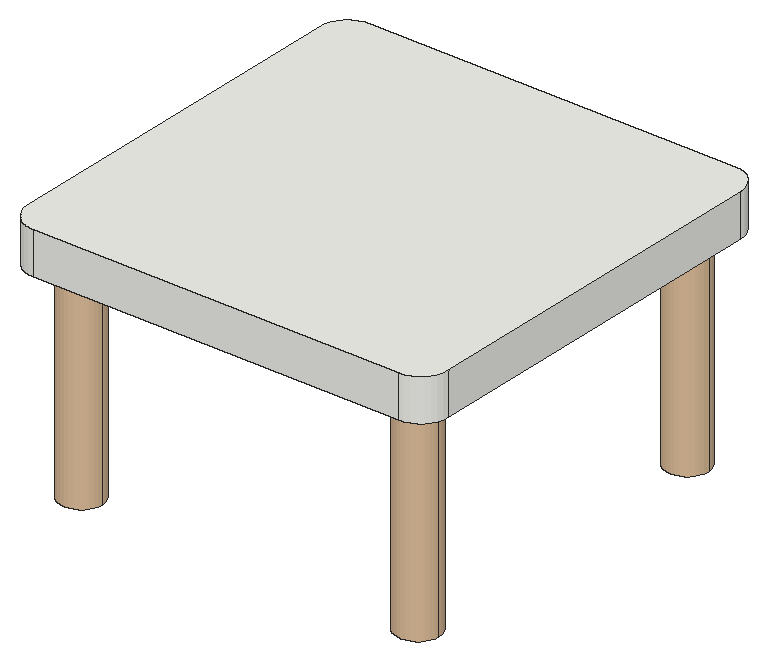
Revit family "rac_basic_sample_family_test", category Furniture, Revit 2016
Family settings
  OmniClass Number = 23.40.20.14.17
  OmniClass Title = Residential Tables and Cabinets
  Work Plane-Based = No
  Always vertical = Yes
  Cut with Voids When Loaded = No
  Shared = Yes
  Room Calculation Point = No
Parameters (values of type "0762 x 0762mm")
  TestLength = 20.00 mm
  Base Material = Wood - Birch
  Height = 457.00 mm
  Length = 762.00 mm
  Top Material = Laminate - Ivory, Matte
  Width = 762.00 mm
  AorB = yes
Types (4, lengths in mm): name | TestLength | Height | Length | Width
  (no name) | 20.00 | 457.00 | 762.00 | 762.00
  0610 x 0160mm | 0.00 | 762.00 | 610.00 | 610.00
  0762 x 0762mm | 20.00 | 457.00 | 762.00 | 762.00
  0610 x 0915mm | 0.00 | 762.00 | 610.00 | 915.00
Reference planes
  plane 1: y = 152.4
  plane 2: z = 0
  plane 3 "Left": x = 3.734
  plane 4 "Right": x = 765.734
  plane 5 "Back": y = 533.4
  plane 6 "Front": y = -228.6
  plane 7: x = 384.734
Forms (mm)
  Extrusion 1, solid, material "Laminate - Ivory, Matte" <- "Top Material"
    sketch origin (0, 0, 0) x (1, 0, 0) y (0, 1, 0)
      loop
        line (54.534, -228.6) -> (714.934, -228.6)
        arc (714.934, -228.6) -> (750.855, -213.721) -> (765.734, -177.8) r 50.8
        line (765.734, -177.8) -> (765.734, 482.6)
        arc (765.734, 482.6) -> (750.855, 518.521) -> (714.934, 533.4) r 50.8
        line (714.934, 533.4) -> (54.534, 533.4)
        arc (54.534, 533.4) -> (18.613, 518.521) -> (3.734, 482.6) r 50.8
        line (3.734, 482.6) -> (3.734, -177.8)
        arc (3.734, -177.8) -> (18.613, -213.721) -> (54.534, -228.6) r 50.8
    from 380.8 to 457
  Extrusion 2, solid, material "Wood - Birch" <- "Base Material"
    sketch origin (0, 0, 0) x (1, 0, 0) y (0, 1, 0)
      loop
        circle (79.934, 457.2) r 38.1
      loop
        circle (79.934, -152.4) r 38.1
      loop
        circle (689.534, -152.4) r 38.1
      loop
        circle (689.534, 457.2) r 38.1
    from 0 to 380.8
Lines and regions (mm)
  Masking region 1
    outline origin (0, 0, 0) x (1, 0, 0) y (0, 1, 0)
      loop
        arc (54.534, 533.4) -> (18.613, 518.521) -> (3.734, 482.6) r 50.8
        line (3.734, 482.6) -> (3.734, -177.8)
        arc (3.734, -177.8) -> (18.613, -213.721) -> (54.534, -228.6) r 50.8
        line (54.534, -228.6) -> (714.934, -228.6)
        arc (714.934, -228.6) -> (750.855, -213.721) -> (765.734, -177.8) r 50.8
        line (765.734, -177.8) -> (765.734, 482.6)
        arc (765.734, 482.6) -> (750.855, 518.521) -> (714.934, 533.4) r 50.8
        line (714.934, 533.4) -> (54.534, 533.4)
Dimensions and locks
  locked: Extrusion 1 to Extrusion 1 at 76.2
  "Height": Extrusion 1 to plane 2
  locked: Extrusion 1 to Extrusion 2 sketch curve at 76.2  (x8)
  "Width": plane 5 "Back" to plane 6 "Front"
  "Length": plane 3 "Left" to plane 4 "Right"
  equal spacing: plane 5 "Back", plane 1, plane 6 "Front"
  equal spacing: plane 3 "Left", plane 7, plane 4 "Right"
  radius of Extrusion 1 sketch curve = 50.80 mm  (x4)
  aligned and locked: plane 2 to level
  aligned and locked: plane 6 "Front" to Extrusion 1 sketch curve
  aligned and locked: Extrusion 2 to Extrusion 1
  aligned and locked: Masking region 1 sketch curve to plane 5 "Back"
  aligned and locked: plane 3 "Left" to Masking region 1 sketch curve
  aligned and locked: plane 4 "Right" to Masking region 1 sketch curve
  aligned and locked: Masking region 1 sketch curve to plane 6 "Front"
  aligned: Masking region 1 sketch curve to Extrusion 1
Automatic sketch dimensions
  Extrusion 2 sketch curve to Extrusion 2 sketch curve = 38.10 mm  (x4)
  Extrusion 1 sketch curve to plane 3 "Left" = 0.00 mm
  Extrusion 1 sketch curve to plane 4 "Right" = 0.00 mm
  Extrusion 1 sketch curve to plane 5 "Back" = 0.00 mm
  plane 3 "Left" to Masking region 1 sketch curve = 50.80 mm  (x2)
  plane 4 "Right" to Masking region 1 sketch curve = 50.80 mm  (x2)
